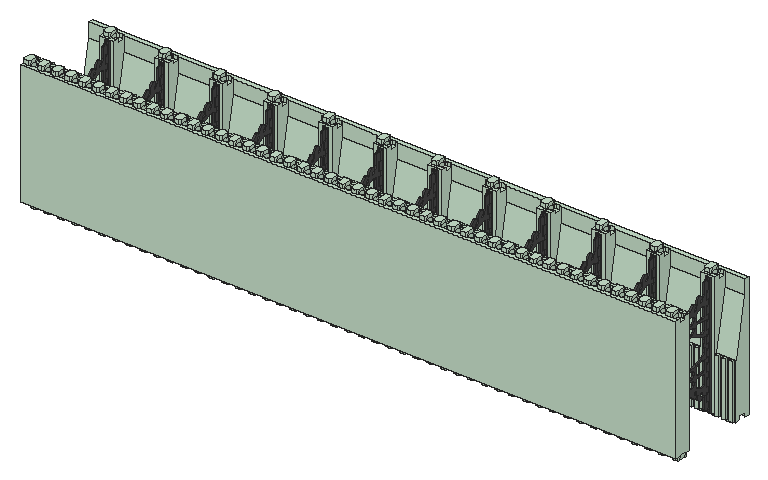
Revit family (continued)
Forms (in)
  Extrusion 172, solid, material "NUDURA Expanded Polystyrene Foam Insulation"
    sketch origin (0, 0, 0) x (1, 0, 0) y (0, 1, 0)
      loop
        line (6.28117, 3.25) -> (6.21883, 3) -> (6.78117, 3) -> (6.71883, 3.25) -> (6.28117, 3.25)
      loop
        line (7.28117, 3.25) -> (7.21883, 3) -> (7.78117, 3) -> (7.71883, 3.25) -> (7.28117, 3.25)
      loop
        line (8.28117, 3.25) -> (8.21883, 3) -> (8.78117, 3) -> (8.71883, 3.25) -> (8.28117, 3.25)
      loop
        line (9.28117, 3.25) -> (9.21883, 3) -> (9.78117, 3) -> (9.71883, 3.25) -> (9.28117, 3.25)
      loop
        line (10.28117, 3.25) -> (10.21883, 3) -> (10.78117, 3) -> (10.71883, 3.25) -> (10.28117, 3.25)
      loop
        line (13.28117, 3.25) -> (13.21883, 3) -> (13.78117, 3) -> (13.71883, 3.25) -> (13.28117, 3.25)
      loop
        line (14.28117, 3.25) -> (14.21883, 3) -> (14.78117, 3) -> (14.71883, 3.25) -> (14.28117, 3.25)
      loop
        line (15.28117, 3.25) -> (15.21883, 3) -> (15.78117, 3) -> (15.71883, 3.25) -> (15.28117, 3.25)
      loop
        line (16.28117, 3.25) -> (16.21883, 3) -> (16.78117, 3) -> (16.71883, 3.25) -> (16.28117, 3.25)
      loop
        line (17.28117, 3.25) -> (17.21883, 3) -> (17.78117, 3) -> (17.71883, 3.25) -> (17.28117, 3.25)
      loop
        line (18.28117, 3.25) -> (18.21883, 3) -> (18.78117, 3) -> (18.71883, 3.25) -> (18.28117, 3.25)
      loop
        line (21.28117, 3.25) -> (21.21883, 3) -> (21.78117, 3) -> (21.71883, 3.25) -> (21.28117, 3.25)
      loop
        line (22.28117, 3.25) -> (22.21883, 3) -> (22.78117, 3) -> (22.71883, 3.25) -> (22.28117, 3.25)
      loop
        line (23.28117, 3.25) -> (23.21883, 3) -> (23.78117, 3) -> (23.71883, 3.25) -> (23.28117, 3.25)
      loop
        line (24.28117, 3.25) -> (24.21883, 3) -> (24.78117, 3) -> (24.71883, 3.25) -> (24.28117, 3.25)
      loop
        line (25.28117, 3.25) -> (25.21883, 3) -> (25.78117, 3) -> (25.71883, 3.25) -> (25.28117, 3.25)
      loop
        line (26.28117, 3.25) -> (26.21883, 3) -> (26.78117, 3) -> (26.71883, 3.25) -> (26.28117, 3.25)
      loop
        line (29.28117, 3.25) -> (29.21883, 3) -> (29.78117, 3) -> (29.71883, 3.25) -> (29.28117, 3.25)
      loop
        line (30.28117, 3.25) -> (30.21883, 3) -> (30.78117, 3) -> (30.71883, 3.25) -> (30.28117, 3.25)
      loop
        line (31.28117, 3.25) -> (31.21883, 3) -> (31.78117, 3) -> (31.71883, 3.25) -> (31.28117, 3.25)
      loop
        line (32.28117, 3.25) -> (32.21883, 3) -> (32.78117, 3) -> (32.71883, 3.25) -> (32.28117, 3.25)
      loop
        line (33.28117, 3.25) -> (33.21883, 3) -> (33.78117, 3) -> (33.71883, 3.25) -> (33.28117, 3.25)
      loop
        line (34.28117, 3.25) -> (34.21883, 3) -> (34.78117, 3) -> (34.71883, 3.25) -> (34.28117, 3.25)
      loop
        line (37.28117, 3.25) -> (37.21883, 3) -> (37.78117, 3) -> (37.71883, 3.25) -> (37.28117, 3.25)
      loop
        line (38.28117, 3.25) -> (38.21883, 3) -> (38.78117, 3) -> (38.71883, 3.25) -> (38.28117, 3.25)
      loop
        line (39.28117, 3.25) -> (39.21883, 3) -> (39.78117, 3) -> (39.71883, 3.25) -> (39.28117, 3.25)
      loop
        line (40.28117, 3.25) -> (40.21883, 3) -> (40.78117, 3) -> (40.71883, 3.25) -> (40.28117, 3.25)
      loop
        line (41.28117, 3.25) -> (41.21883, 3) -> (41.78117, 3) -> (41.71883, 3.25) -> (41.28117, 3.25)
      loop
        line (42.28117, 3.25) -> (42.21883, 3) -> (42.78117, 3) -> (42.71883, 3.25) -> (42.28117, 3.25)
      loop
        line (45.28117, 3.25) -> (45.21883, 3) -> (45.78117, 3) -> (45.71883, 3.25) -> (45.28117, 3.25)
      loop
        line (46.28117, 3.25) -> (46.21883, 3) -> (46.78117, 3) -> (46.71883, 3.25) -> (46.28117, 3.25)
      loop
        line (47.28117, 3.25) -> (47.21883, 3) -> (47.78117, 3) -> (47.71883, 3.25) -> (47.28117, 3.25)
      loop
        line (48.28117, 3.25) -> (48.21883, 3) -> (48.78117, 3) -> (48.71883, 3.25) -> (48.28117, 3.25)
      loop
        line (49.28117, 3.25) -> (49.21883, 3) -> (49.78117, 3) -> (49.71883, 3.25) -> (49.28117, 3.25)
      loop
        line (50.28117, 3.25) -> (50.21883, 3) -> (50.78117, 3) -> (50.71883, 3.25) -> (50.28117, 3.25)
      loop
        line (53.28117, 3.25) -> (53.21883, 3) -> (53.78117, 3) -> (53.71883, 3.25) -> (53.28117, 3.25)
      loop
        line (54.28117, 3.25) -> (54.21883, 3) -> (54.78117, 3) -> (54.71883, 3.25) -> (54.28117, 3.25)
      loop
        line (55.28117, 3.25) -> (55.21883, 3) -> (55.78117, 3) -> (55.71883, 3.25) -> (55.28117, 3.25)
      loop
        line (56.28117, 3.25) -> (56.21883, 3) -> (56.78117, 3) -> (56.71883, 3.25) -> (56.28117, 3.25)
      loop
        line (57.28117, 3.25) -> (57.21883, 3) -> (57.78117, 3) -> (57.71883, 3.25) -> (57.28117, 3.25)
      loop
        line (58.28117, 3.25) -> (58.21883, 3) -> (58.78117, 3) -> (58.71883, 3.25) -> (58.28117, 3.25)
      loop
        line (61.28117, 3.25) -> (61.21883, 3) -> (61.78117, 3) -> (61.71883, 3.25) -> (61.28117, 3.25)
      loop
        line (62.28117, 3.25) -> (62.21883, 3) -> (62.78117, 3) -> (62.71883, 3.25) -> (62.28117, 3.25)
      loop
        line (63.28117, 3.25) -> (63.21883, 3) -> (63.78117, 3) -> (63.71883, 3.25) -> (63.28117, 3.25)
      loop
        line (64.28117, 3.25) -> (64.21883, 3) -> (64.78117, 3) -> (64.71883, 3.25) -> (64.28117, 3.25)
      loop
        line (65.28117, 3.25) -> (65.21883, 3) -> (65.78117, 3) -> (65.71883, 3.25) -> (65.28117, 3.25)
      loop
        line (66.28117, 3.25) -> (66.21883, 3) -> (66.78117, 3) -> (66.71883, 3.25) -> (66.28117, 3.25)
      loop
        line (69.28117, 3.25) -> (69.21883, 3) -> (69.78117, 3) -> (69.71883, 3.25) -> (69.28117, 3.25)
      loop
        line (70.28117, 3.25) -> (70.21883, 3) -> (70.78117, 3) -> (70.71883, 3.25) -> (70.28117, 3.25)
      loop
        line (71.28117, 3.25) -> (71.21883, 3) -> (71.78117, 3) -> (71.71883, 3.25) -> (71.28117, 3.25)
      loop
        line (72.28117, 3.25) -> (72.21883, 3) -> (72.78117, 3) -> (72.71883, 3.25) -> (72.28117, 3.25)
      loop
        line (73.28117, 3.25) -> (73.21883, 3) -> (73.78117, 3) -> (73.71883, 3.25) -> (73.28117, 3.25)
      loop
        line (74.28117, 3.25) -> (74.21883, 3) -> (74.78117, 3) -> (74.71883, 3.25) -> (74.28117, 3.25)
      loop
        line (77.28117, 3.25) -> (77.21883, 3) -> (77.78117, 3) -> (77.71883, 3.25) -> (77.28117, 3.25)
      loop
        line (78.28117, 3.25) -> (78.21883, 3) -> (78.78117, 3) -> (78.71883, 3.25) -> (78.28117, 3.25)
      loop
        line (79.28117, 3.25) -> (79.21883, 3) -> (79.78117, 3) -> (79.71883, 3.25) -> (79.28117, 3.25)
      loop
        line (80.28117, 3.25) -> (80.21883, 3) -> (80.78117, 3) -> (80.71883, 3.25) -> (80.28117, 3.25)
      loop
        line (81.28117, 3.25) -> (81.21883, 3) -> (81.78117, 3) -> (81.71883, 3.25) -> (81.28117, 3.25)
      loop
        line (82.28117, 3.25) -> (82.21883, 3) -> (82.78117, 3) -> (82.71883, 3.25) -> (82.28117, 3.25)
      loop
        line (85.28117, 3.25) -> (85.21883, 3) -> (85.78117, 3) -> (85.71883, 3.25) -> (85.28117, 3.25)
      loop
        line (86.28117, 3.25) -> (86.21883, 3) -> (86.78117, 3) -> (86.71883, 3.25) -> (86.28117, 3.25)
      loop
        line (87.28117, 3.25) -> (87.21883, 3) -> (87.78117, 3) -> (87.71883, 3.25) -> (87.28117, 3.25)
      loop
        line (88.28117, 3.25) -> (88.21883, 3) -> (88.78117, 3) -> (88.71883, 3.25) -> (88.28117, 3.25)
      loop
        line (89.28117, 3.25) -> (89.21883, 3) -> (89.78117, 3) -> (89.71883, 3.25) -> (89.28117, 3.25)
      loop
        line (90.28117, 3.25) -> (90.21883, 3) -> (90.78117, 3) -> (90.71883, 3.25) -> (90.28117, 3.25)
      loop
        line (93.28117, 3.25) -> (93.21883, 3) -> (93.78117, 3) -> (93.71883, 3.25) -> (93.28117, 3.25)
      loop
        line (94.28117, 3.25) -> (94.21883, 3) -> (94.78117, 3) -> (94.71883, 3.25) -> (94.28117, 3.25)
      loop
        line (95.28117, 3.25) -> (95.21883, 3) -> (95.78117, 3) -> (95.71883, 3.25) -> (95.28117, 3.25)
    from 0 to 8
Cuts and joins
  Extrusion 2, Extrusion 3, Extrusion 4, Extrusion 5, Extrusion 6, Extrusion 7, Extrusion 8, Extrusion 9, Extrusion 10, Extrusion 11, Extrusion 12, Extrusion 13, Extrusion 14, Extrusion 15, Extrusion 16, Extrusion 17, Extrusion 18, Extrusion 19, Extrusion 20, Extrusion 21, Extrusion 22, Extrusion 23, Extrusion 24, Extrusion 25, Extrusion 26, Extrusion 27, Extrusion 28, Extrusion 29, Extrusion 30, Extrusion 31, Extrusion 32, Extrusion 33, Extrusion 34, Extrusion 35, Extrusion 36, Extrusion 37, Extrusion 38, Extrusion 39, Extrusion 40, Extrusion 41, Extrusion 42, Extrusion 43, Extrusion 44, Extrusion 45, Extrusion 46, Extrusion 47, Extrusion 48, Extrusion 49, Extrusion 50, Extrusion 51, Extrusion 52, Extrusion 53, Extrusion 54, Extrusion 55, Extrusion 56, Extrusion 57, Extrusion 58, Extrusion 59, Extrusion 60, Extrusion 61, Extrusion 62, Extrusion 63, Extrusion 64, Extrusion 65, Extrusion 66, Extrusion 67, Extrusion 68, Extrusion 69, Extrusion 70, Extrusion 71, Extrusion 72, Extrusion 73, Extrusion 74, Extrusion 75, Extrusion 76, Extrusion 77, Extrusion 78, Extrusion 79, Extrusion 80, Extrusion 81, Extrusion 82, Extrusion 83, Extrusion 84, Extrusion 85, Extrusion 86, Extrusion 87, Extrusion 88, Extrusion 89, Extrusion 90, Extrusion 91, Extrusion 92, Extrusion 93, Extrusion 94, Extrusion 95, Extrusion 96, Extrusion 97, Extrusion 98, Extrusion 99, Extrusion 100, Extrusion 101, Extrusion 102, Extrusion 103, Extrusion 104, Extrusion 105, Extrusion 106, Extrusion 107, Extrusion 108, Extrusion 109, Extrusion 110, Extrusion 111, Extrusion 112, Extrusion 113, Extrusion 114, Extrusion 115, Extrusion 116, Extrusion 117, Extrusion 118, Extrusion 119, Extrusion 120, Extrusion 121, Extrusion 122, Extrusion 123, Extrusion 124, Extrusion 125, Extrusion 126, Extrusion 127, Extrusion 128, Extrusion 129, Extrusion 130, Extrusion 131, Extrusion 132, Extrusion 133, Extrusion 134, Extrusion 135, Extrusion 136, Extrusion 137, Extrusion 138, Extrusion 139, Extrusion 140, Extrusion 141, Extrusion 142, Extrusion 143, Extrusion 144, Extrusion 145, Extrusion 146, Extrusion 147, Extrusion 148, Extrusion 149, Extrusion 150, Extrusion 151, Extrusion 152, Extrusion 153, Extrusion 154, Extrusion 155, Extrusion 156, Extrusion 157 cuts Extrusion 1
  Extrusion 50, Extrusion 51, Extrusion 52, Extrusion 53, Extrusion 54, Extrusion 55, Extrusion 56, Extrusion 57, Extrusion 58, Extrusion 59, Extrusion 60, Extrusion 61, Extrusion 110, Extrusion 111, Extrusion 112, Extrusion 113, Extrusion 114, Extrusion 115, Extrusion 116, Extrusion 117, Extrusion 118, Extrusion 119, Extrusion 120, Extrusion 121, Extrusion 122, Extrusion 123, Extrusion 124, Extrusion 125, Extrusion 126, Extrusion 127, Extrusion 128, Extrusion 129, Extrusion 130, Extrusion 131, Extrusion 132, Extrusion 133, Extrusion 134, Extrusion 135, Extrusion 136, Extrusion 137, Extrusion 138, Extrusion 139, Extrusion 140, Extrusion 141, Extrusion 142, Extrusion 143, Extrusion 144, Extrusion 145, Extrusion 146, Extrusion 147, Extrusion 148, Extrusion 149, Extrusion 150, Extrusion 151, Extrusion 152, Extrusion 153, Extrusion 154, Extrusion 155, Extrusion 156, Extrusion 157 cuts Extrusion 158
  Extrusion 61 cuts Extrusion 159
  Extrusion 60 cuts Extrusion 160
  Extrusion 59 cuts Extrusion 161
  Extrusion 58 cuts Extrusion 162
  Extrusion 57 cuts Extrusion 163
  Extrusion 56 cuts Extrusion 164
  Extrusion 55 cuts Extrusion 165
  Extrusion 54 cuts Extrusion 166
  Extrusion 53 cuts Extrusion 167
  Extrusion 53 cuts Extrusion 168
  Extrusion 52 cuts Extrusion 169
  Extrusion 51 cuts Extrusion 170
  Extrusion 50 cuts Extrusion 171
  joined: Extrusion 158, Extrusion 159, Extrusion 160, Extrusion 161, Extrusion 162, Extrusion 163, Extrusion 164, Extrusion 165, Extrusion 166, Extrusion 167, Extrusion 168, Extrusion 169, Extrusion 170, Extrusion 171, Extrusion 172
Lines and regions (in)
  model lines
    curve 1: line (8, -7.625, 18) -> (8, -7.625, 0)
    curve 2: line (88, 5.625, 18) -> (88, 5.625, 0)
    curve 3: line (64, 5.625, 18) -> (64, 5.625, 0)
    curve 4: line (40, 5.625, 18) -> (40, 5.625, 0)
    curve 5: line (16, 5.625, 18) -> (16, 5.625, 0)
Dimensions and locks (in)
  locked: plane 3 "Center (Left/Right)" to plane 4 at 96
  plane 6 to plane 5 = 0' - 8"
  locked: plane 5 to plane 7 at 2.625
  locked: plane 8 to plane 6 at 2.625
  locked: plane 9 to level at 18
  locked: plane 4 to plane 3 "Center (Left/Right)" at 96
  locked: plane 9 to plane 10 at 0.5
  locked: plane 11 to level at 0.5
  aligned and locked: plane 9 to Extrusion 1
  aligned and locked: Extrusion 1 to plane 3 "Center (Left/Right)"
  aligned and locked: plane 4 to Extrusion 1
  aligned and locked: level to Extrusion 1
  aligned and locked: nested 1 to plane 8
  aligned and locked: nested 124 to cut or joined group 1 (Extrusion 1, Extrusion 2, Extrusion 3, Extrusion 4, Extrusion 5, Extrusion 6, Extrusion 7, Extrusion 8, Extrusion 9, Extrusion 10, Extrusion 11, Extrusion 12, Extrusion 13, Extrusion 14, Extrusion 15, Extrusion 16, Extrusion 17, Extrusion 18, Extrusion 19, Extrusion 20, Extrusion 21, Extrusion 22, Extrusion 23, Extrusion 24, Extrusion 25, Extrusion 26, Extrusion 27, Extrusion 28, Extrusion 29, Extrusion 30, Extrusion 31, Extrusion 32, Extrusion 33, Extrusion 34, Extrusion 35, Extrusion 36, Extrusion 37, Extrusion 38, Extrusion 39, Extrusion 40, Extrusion 41, Extrusion 42, Extrusion 43, Extrusion 44, Extrusion 45, Extrusion 46, Extrusion 47, Extrusion 48, Extrusion 49, Extrusion 50, Extrusion 51, Extrusion 52, Extrusion 53, Extrusion 54, Extrusion 55, Extrusion 56, Extrusion 57, Extrusion 58, Extrusion 59, Extrusion 60, Extrusion 61, Extrusion 62, Extrusion 63, Extrusion 64, Extrusion 65, Extrusion 66, Extrusion 67, Extrusion 68, Extrusion 69, Extrusion 70, Extrusion 71, Extrusion 72, Extrusion 73, Extrusion 74, Extrusion 75, Extrusion 76, Extrusion 77, Extrusion 78, Extrusion 79, Extrusion 80, Extrusion 81, Extrusion 82, Extrusion 83, Extrusion 84, Extrusion 85, Extrusion 86, Extrusion 87, Extrusion 88, Extrusion 89, Extrusion 90, Extrusion 91, Extrusion 92, Extrusion 93, Extrusion 94, Extrusion 95, Extrusion 96, Extrusion 97, Extrusion 98, Extrusion 99, Extrusion 100, Extrusion 101, Extrusion 102, Extrusion 103, Extrusion 104, Extrusion 105, Extrusion 106, Extrusion 107, Extrusion 108, Extrusion 109, Extrusion 110, Extrusion 111, Extrusion 112, Extrusion 113, Extrusion 114, Extrusion 115, Extrusion 116, Extrusion 117, Extrusion 118, Extrusion 119, Extrusion 120, Extrusion 121, Extrusion 122, Extrusion 123, Extrusion 124, Extrusion 125, Extrusion 126, Extrusion 127, Extrusion 128, Extrusion 129, Extrusion 130, Extrusion 131, Extrusion 132, Extrusion 133, Extrusion 134, Extrusion 135, Extrusion 136, Extrusion 137, Extrusion 138, Extrusion 139, Extrusion 140, Extrusion 141, Extrusion 142, Extrusion 143, Extrusion 144, Extrusion 145, Extrusion 146, Extrusion 147, Extrusion 148, Extrusion 149, Extrusion 150, Extrusion 151, Extrusion 152, Extrusion 153, Extrusion 154, Extrusion 155, Extrusion 156, Extrusion 157)
  aligned and locked: nested 173 to cut or joined group 1
  aligned and locked: cut or joined group 1 to nested 174
  aligned and locked: cut or joined group 1 to nested 175
  aligned and locked: cut or joined group 1 to nested 176
Nested families (in)
  nested 1: "NUDURA Diamond Pattern" at (0, -2, 0), type "NUDURA Diamond Pattern"
  nested 2: "NUDURA Diamond Pattern" at (16, -2, 0), type "NUDURA Diamond Pattern"
  nested 3: "NUDURA Diamond Pattern" at (24, -2, 0), type "NUDURA Diamond Pattern"
  nested 4: "NUDURA Diamond Pattern" at (40, -2, 0), type "NUDURA Diamond Pattern"
  nested 5: "NUDURA Diamond Pattern" at (48, -2, 0), type "NUDURA Diamond Pattern"
  nested 6: "NUDURA Diamond Pattern" at (64, -2, 0), type "NUDURA Diamond Pattern"
  nested 7: "NUDURA Diamond Pattern" at (72, -2, 0), type "NUDURA Diamond Pattern"
  nested 8: "NUDURA Diamond Pattern" at (88, -2, 0), type "NUDURA Diamond Pattern"
  nested 9: "NUDURA Diamond Pattern" at (0, 0, 0), type "NUDURA Diamond Pattern"
  nested 10: "NUDURA Diamond Pattern" at (16, 0, 0), type "NUDURA Diamond Pattern"
  nested 11: "NUDURA Diamond Pattern" at (24, 0, 0), type "NUDURA Diamond Pattern"
  nested 12: "NUDURA Diamond Pattern" at (40, 0, 0), type "NUDURA Diamond Pattern"
  nested 13: "NUDURA Diamond Pattern" at (48, 0, 0), type "NUDURA Diamond Pattern"
  nested 14: "NUDURA Diamond Pattern" at (64, 0, 0), type "NUDURA Diamond Pattern"
  nested 15: "NUDURA Diamond Pattern" at (72, 0, 0), type "NUDURA Diamond Pattern"
  nested 16: "NUDURA Diamond Pattern" at (88, 0, 0), type "NUDURA Diamond Pattern"
  nested 17: "Interlock Tooth" at (0, -2, 0), type "Interlock Tooth"
  nested 18: "Interlock Tooth" at (2, -2, 0), type "Interlock Tooth"
  nested 19: "Interlock Tooth" at (4, -2, 0), type "Interlock Tooth"
  nested 20: "Interlock Tooth" at (6, -2, 0), type "Interlock Tooth"
  nested 21: "Interlock Tooth" at (8, -2, 0), type "Interlock Tooth"
  nested 22: "Interlock Tooth" at (10, -2, 0), type "Interlock Tooth"
  nested 23: "Interlock Tooth" at (12, -2, 0), type "Interlock Tooth"
  nested 24: "Interlock Tooth" at (14, -2, 0), type "Interlock Tooth"
  nested 25: "Interlock Tooth" at (16, -2, 0), type "Interlock Tooth"
  nested 26: "Interlock Tooth" at (18, -2, 0), type "Interlock Tooth"
  nested 27: "Interlock Tooth" at (20, -2, 0), type "Interlock Tooth"
  nested 28: "Interlock Tooth" at (22, -2, 0), type "Interlock Tooth"
  nested 29: "Interlock Tooth" at (24, -2, 0), type "Interlock Tooth"
  nested 30: "Interlock Tooth" at (26, -2, 0), type "Interlock Tooth"
  nested 31: "Interlock Tooth" at (28, -2, 0), type "Interlock Tooth"
  nested 32: "Interlock Tooth" at (30, -2, 0), type "Interlock Tooth"
  nested 33: "Interlock Tooth" at (32, -2, 0), type "Interlock Tooth"
  nested 34: "Interlock Tooth" at (34, -2, 0), type "Interlock Tooth"
  nested 35: "Interlock Tooth" at (36, -2, 0), type "Interlock Tooth"
  nested 36: "Interlock Tooth" at (38, -2, 0), type "Interlock Tooth"
  nested 37: "Interlock Tooth" at (40, -2, 0), type "Interlock Tooth"
  nested 38: "Interlock Tooth" at (42, -2, 0), type "Interlock Tooth"
  nested 39: "Interlock Tooth" at (44, -2, 0), type "Interlock Tooth"
  nested 40: "Interlock Tooth" at (46, -2, 0), type "Interlock Tooth"
  nested 41: "Interlock Tooth" at (48, -2, 0), type "Interlock Tooth"
  nested 42: "Interlock Tooth" at (50, -2, 0), type "Interlock Tooth"
  nested 43: "Interlock Tooth" at (52, -2, 0), type "Interlock Tooth"
  nested 44: "Interlock Tooth" at (54, -2, 0), type "Interlock Tooth"
  nested 45: "Interlock Tooth" at (56, -2, 0), type "Interlock Tooth"
  nested 46: "Interlock Tooth" at (58, -2, 0), type "Interlock Tooth"
  nested 47: "Interlock Tooth" at (60, -2, 0), type "Interlock Tooth"
  nested 48: "Interlock Tooth" at (62, -2, 0), type "Interlock Tooth"
  nested 49: "Interlock Tooth" at (64, -2, 0), type "Interlock Tooth"
  nested 50: "Interlock Tooth" at (66, -2, 0), type "Interlock Tooth"
  nested 51: "Interlock Tooth" at (68, -2, 0), type "Interlock Tooth"
  nested 52: "Interlock Tooth" at (70, -2, 0), type "Interlock Tooth"
  nested 53: "Interlock Tooth" at (72, -2, 0), type "Interlock Tooth"
  nested 54: "Interlock Tooth" at (74, -2, 0), type "Interlock Tooth"
  nested 55: "Interlock Tooth" at (76, -2, 0), type "Interlock Tooth"
  nested 56: "Interlock Tooth" at (78, -2, 0), type "Interlock Tooth"
  nested 57: "Interlock Tooth" at (80, -2, 0), type "Interlock Tooth"
  nested 58: "Interlock Tooth" at (82, -2, 0), type "Interlock Tooth"
  nested 59: "Interlock Tooth" at (84, -2, 0), type "Interlock Tooth"
  nested 60: "Interlock Tooth" at (86, -2, 0), type "Interlock Tooth"
  nested 61: "Interlock Tooth" at (88, -2, 0), type "Interlock Tooth"
  nested 62: "Interlock Tooth" at (90, -2, 0), type "Interlock Tooth"
  nested 63: "Interlock Tooth" at (92, -2, 0), type "Interlock Tooth"
  nested 64: "Interlock Tooth" at (94, -2, 0), type "Interlock Tooth"
  nested 65: "Interlock Tooth" at (3, 8.875, 0), type "Interlock Tooth"
  nested 66: "Interlock Tooth" at (11, 8.875, 0), type "Interlock Tooth"
  nested 67: "Interlock Tooth" at (19, 8.875, 0), type "Interlock Tooth"
  nested 68: "Interlock Tooth" at (27, 8.875, 0), type "Interlock Tooth"
  nested 69: "Interlock Tooth" at (35, 8.875, 0), type "Interlock Tooth"
  nested 70: "Interlock Tooth" at (43, 8.875, 0), type "Interlock Tooth"
  nested 71: "Interlock Tooth" at (51, 8.875, 0), type "Interlock Tooth"
  nested 72: "Interlock Tooth" at (59, 8.875, 0), type "Interlock Tooth"
  nested 73: "Interlock Tooth" at (67, 8.875, 0), type "Interlock Tooth"
  nested 74: "Interlock Tooth" at (75, 8.875, 0), type "Interlock Tooth"
  nested 75: "Interlock Tooth" at (83, 8.875, 0), type "Interlock Tooth"
  nested 76: "Interlock Tooth" at (91, 8.875, 0), type "Interlock Tooth"
  nested 77: "Interlock Tooth" at (1, -10.875, -18.5), type "Interlock Tooth"
  nested 78: "Interlock Tooth" at (3, -10.875, -18.5), type "Interlock Tooth"
  nested 79: "Interlock Tooth" at (5, -10.875, -18.5), type "Interlock Tooth"
  nested 80: "Interlock Tooth" at (7, -10.875, -18.5), type "Interlock Tooth"
  nested 81: "Interlock Tooth" at (9, -10.875, -18.5), type "Interlock Tooth"
  nested 82: "Interlock Tooth" at (11, -10.875, -18.5), type "Interlock Tooth"
  nested 83: "Interlock Tooth" at (13, -10.875, -18.5), type "Interlock Tooth"
  nested 84: "Interlock Tooth" at (15, -10.875, -18.5), type "Interlock Tooth"
  nested 85: "Interlock Tooth" at (17, -10.875, -18.5), type "Interlock Tooth"
  nested 86: "Interlock Tooth" at (19, -10.875, -18.5), type "Interlock Tooth"
  nested 87: "Interlock Tooth" at (21, -10.875, -18.5), type "Interlock Tooth"
  nested 88: "Interlock Tooth" at (23, -10.875, -18.5), type "Interlock Tooth"
  nested 89: "Interlock Tooth" at (25, -10.875, -18.5), type "Interlock Tooth"
  nested 90: "Interlock Tooth" at (27, -10.875, -18.5), type "Interlock Tooth"
  nested 91: "Interlock Tooth" at (29, -10.875, -18.5), type "Interlock Tooth"
  nested 92: "Interlock Tooth" at (31, -10.875, -18.5), type "Interlock Tooth"
  nested 93: "Interlock Tooth" at (33, -10.875, -18.5), type "Interlock Tooth"
  nested 94: "Interlock Tooth" at (35, -10.875, -18.5), type "Interlock Tooth"
  nested 95: "Interlock Tooth" at (37, -10.875, -18.5), type "Interlock Tooth"
  nested 96: "Interlock Tooth" at (39, -10.875, -18.5), type "Interlock Tooth"
  nested 97: "Interlock Tooth" at (41, -10.875, -18.5), type "Interlock Tooth"
  nested 98: "Interlock Tooth" at (43, -10.875, -18.5), type "Interlock Tooth"
  nested 99: "Interlock Tooth" at (45, -10.875, -18.5), type "Interlock Tooth"
  nested 100: "Interlock Tooth" at (47, -10.875, -18.5), type "Interlock Tooth"
  nested 101: "Interlock Tooth" at (49, -10.875, -18.5), type "Interlock Tooth"
  nested 102: "Interlock Tooth" at (51, -10.875, -18.5), type "Interlock Tooth"
  nested 103: "Interlock Tooth" at (53, -10.875, -18.5), type "Interlock Tooth"
  nested 104: "Interlock Tooth" at (55, -10.875, -18.5), type "Interlock Tooth"
  nested 105: "Interlock Tooth" at (57, -10.875, -18.5), type "Interlock Tooth"
  nested 106: "Interlock Tooth" at (59, -10.875, -18.5), type "Interlock Tooth"
  nested 107: "Interlock Tooth" at (61, -10.875, -18.5), type "Interlock Tooth"
  nested 108: "Interlock Tooth" at (63, -10.875, -18.5), type "Interlock Tooth"
  nested 109: "Interlock Tooth" at (65, -10.875, -18.5), type "Interlock Tooth"
  nested 110: "Interlock Tooth" at (67, -10.875, -18.5), type "Interlock Tooth"
  nested 111: "Interlock Tooth" at (69, -10.875, -18.5), type "Interlock Tooth"
  nested 112: "Interlock Tooth" at (71, -10.875, -18.5), type "Interlock Tooth"
  nested 113: "Interlock Tooth" at (73, -10.875, -18.5), type "Interlock Tooth"
  nested 114: "Interlock Tooth" at (75, -10.875, -18.5), type "Interlock Tooth"
  nested 115: "Interlock Tooth" at (77, -10.875, -18.5), type "Interlock Tooth"
  nested 116: "Interlock Tooth" at (79, -10.875, -18.5), type "Interlock Tooth"
  nested 117: "Interlock Tooth" at (81, -10.875, -18.5), type "Interlock Tooth"
  nested 118: "Interlock Tooth" at (83, -10.875, -18.5), type "Interlock Tooth"
  nested 119: "Interlock Tooth" at (85, -10.875, -18.5), type "Interlock Tooth"
  nested 120: "Interlock Tooth" at (87, -10.875, -18.5), type "Interlock Tooth"
  nested 121: "Interlock Tooth" at (89, -10.875, -18.5), type "Interlock Tooth"
  nested 122: "Interlock Tooth" at (91, -10.875, -18.5), type "Interlock Tooth"
  nested 123: "Interlock Tooth" at (93, -10.875, -18.5), type "Interlock Tooth"
  nested 124: "Interlock Tooth" at (95, -10.875, -18.5), type "Interlock Tooth"
  nested 125: "Interlock Tooth" at (0, 0, -18.5), type "Interlock Tooth"
  nested 126: "Interlock Tooth" at (2, 0, -18.5), type "Interlock Tooth"
  nested 127: "Interlock Tooth" at (4, 0, -18.5), type "Interlock Tooth"
  nested 128: "Interlock Tooth" at (6, 0, -18.5), type "Interlock Tooth"
  nested 129: "Interlock Tooth" at (8, 0, -18.5), type "Interlock Tooth"
  nested 130: "Interlock Tooth" at (10, 0, -18.5), type "Interlock Tooth"
  nested 131: "Interlock Tooth" at (12, 0, -18.5), type "Interlock Tooth"
  nested 132: "Interlock Tooth" at (14, 0, -18.5), type "Interlock Tooth"
  nested 133: "Interlock Tooth" at (16, 0, -18.5), type "Interlock Tooth"
  nested 134: "Interlock Tooth" at (18, 0, -18.5), type "Interlock Tooth"
  nested 135: "Interlock Tooth" at (20, 0, -18.5), type "Interlock Tooth"
  nested 136: "Interlock Tooth" at (22, 0, -18.5), type "Interlock Tooth"
  nested 137: "Interlock Tooth" at (24, 0, -18.5), type "Interlock Tooth"
  nested 138: "Interlock Tooth" at (26, 0, -18.5), type "Interlock Tooth"
  nested 139: "Interlock Tooth" at (28, 0, -18.5), type "Interlock Tooth"
  nested 140: "Interlock Tooth" at (30, 0, -18.5), type "Interlock Tooth"
  nested 141: "Interlock Tooth" at (32, 0, -18.5), type "Interlock Tooth"
  nested 142: "Interlock Tooth" at (34, 0, -18.5), type "Interlock Tooth"
  nested 143: "Interlock Tooth" at (36, 0, -18.5), type "Interlock Tooth"
  nested 144: "Interlock Tooth" at (38, 0, -18.5), type "Interlock Tooth"
  nested 145: "Interlock Tooth" at (40, 0, -18.5), type "Interlock Tooth"
  nested 146: "Interlock Tooth" at (42, 0, -18.5), type "Interlock Tooth"
  nested 147: "Interlock Tooth" at (44, 0, -18.5), type "Interlock Tooth"
  nested 148: "Interlock Tooth" at (46, 0, -18.5), type "Interlock Tooth"
  nested 149: "Interlock Tooth" at (48, 0, -18.5), type "Interlock Tooth"
  nested 150: "Interlock Tooth" at (50, 0, -18.5), type "Interlock Tooth"
  nested 151: "Interlock Tooth" at (52, 0, -18.5), type "Interlock Tooth"
  nested 152: "Interlock Tooth" at (54, 0, -18.5), type "Interlock Tooth"
  nested 153: "Interlock Tooth" at (56, 0, -18.5), type "Interlock Tooth"
  nested 154: "Interlock Tooth" at (58, 0, -18.5), type "Interlock Tooth"
  nested 155: "Interlock Tooth" at (60, 0, -18.5), type "Interlock Tooth"
  nested 156: "Interlock Tooth" at (62, 0, -18.5), type "Interlock Tooth"
  nested 157: "Interlock Tooth" at (64, 0, -18.5), type "Interlock Tooth"
  nested 158: "Interlock Tooth" at (66, 0, -18.5), type "Interlock Tooth"
  nested 159: "Interlock Tooth" at (68, 0, -18.5), type "Interlock Tooth"
  nested 160: "Interlock Tooth" at (70, 0, -18.5), type "Interlock Tooth"
  nested 161: "Interlock Tooth" at (72, 0, -18.5), type "Interlock Tooth"
  nested 162: "Interlock Tooth" at (74, 0, -18.5), type "Interlock Tooth"
  nested 163: "Interlock Tooth" at (76, 0, -18.5), type "Interlock Tooth"
  nested 164: "Interlock Tooth" at (78, 0, -18.5), type "Interlock Tooth"
  nested 165: "Interlock Tooth" at (80, 0, -18.5), type "Interlock Tooth"
  nested 166: "Interlock Tooth" at (82, 0, -18.5), type "Interlock Tooth"
  nested 167: "Interlock Tooth" at (84, 0, -18.5), type "Interlock Tooth"
  nested 168: "Interlock Tooth" at (86, 0, -18.5), type "Interlock Tooth"
  nested 169: "Interlock Tooth" at (88, 0, -18.5), type "Interlock Tooth"
  nested 170: "Interlock Tooth" at (90, 0, -18.5), type "Interlock Tooth"
  nested 171: "Interlock Tooth" at (92, 0, -18.5), type "Interlock Tooth"
  nested 172: "Interlock Tooth" at (94, 0, -18.5), type "Interlock Tooth"
  nested 173: "NUDURA Logo Diamond" at (0, -7.625, 0), type "NUDURA Logo Diamond"
  nested 174: "NUDURA Logo Diamond" at (24, -7.625, 0), type "NUDURA Logo Diamond"
  nested 175: "NUDURA Logo Diamond" at (48, -7.625, 0), type "NUDURA Logo Diamond"
  nested 176: "NUDURA Logo Diamond" at (72, -7.625, 0), type "NUDURA Logo Diamond"
  nested 177: "NUDURA Logo Diamond" at (95.99744, 5.625, 0) x (-1, 0, 0) z (0, 0, 1), type "NUDURA Logo Diamond"
  nested 178: "NUDURA Logo Diamond" at (71.99744, 5.625, 0) x (-1, 0, 0) z (0, 0, 1), type "NUDURA Logo Diamond"
  nested 179: "NUDURA Logo Diamond" at (47.99744, 5.625, 0) x (-1, 0, 0) z (0, 0, 1), type "NUDURA Logo Diamond"
  nested 180: "NUDURA Logo Diamond" at (23.99744, 5.625, 0) x (-1, 0, 0) z (0, 0, 1), type "NUDURA Logo Diamond"
  nested 181: "8-inch Insert Web" at (4, -1, 0), type "8-inch Insert Web"
  nested 182: "8-inch Insert Web" at (12, -1, 0), type "8-inch Insert Web"
  nested 183: "8-inch Insert Web" at (20, -1, 0), type "8-inch Insert Web"
  nested 184: "8-inch Insert Web" at (28, -1, 0), type "8-inch Insert Web"
  nested 185: "8-inch Insert Web" at (36, -1, 0), type "8-inch Insert Web"
  nested 186: "8-inch Insert Web" at (44, -1, 0), type "8-inch Insert Web"
  nested 187: "8-inch Insert Web" at (52, -1, 0), type "8-inch Insert Web"
  nested 188: "8-inch Insert Web" at (60, -1, 0), type "8-inch Insert Web"
  nested 189: "8-inch Insert Web" at (68, -1, 0), type "8-inch Insert Web"
  nested 190: "8-inch Insert Web" at (76, -1, 0), type "8-inch Insert Web"
  nested 191: "8-inch Insert Web" at (84, -1, 0), type "8-inch Insert Web"
  nested 192: "8-inch Insert Web" at (92, -1, 0), type "8-inch Insert Web"
Definition of nested family "Interlock Tooth"
  Reference planes (in)
    plane 1 "Center (Front/Back)": y = 0
    plane 2: z = 0
    plane 3 "Center (Left/Right)": x = 0
    plane 4: z = 18
    plane 5: z = 18.5
    plane 6: z = -0.5
  Forms (in)
    Extrusion 1, solid, material "NUDURA Expanded Polystyrene Foam Insulation"
      sketch origin (0, -8.875, 0) x (1, 0, 0) y (0, 1, 0)
        loop
          arc (0, 3.97692) -> (0.04785, 3.82983) -> (0.17308, 3.73905) r 0.25
          arc (0.17308, 3.73905) -> (0.5, 3.6875) -> (0.82692, 3.73905) r 1.0625
          arc (0.82692, 3.73905) -> (0.95215, 3.82983) -> (1, 3.97692) r 0.25
          line (1, 3.97692) -> (1, 4.89808)
          arc (1, 4.89808) -> (0.95215, 5.04517) -> (0.82692, 5.13595) r 0.25
          arc (0.82692, 5.13595) -> (0.5, 5.1875) -> (0.17308, 5.13595) r 1.0625
          arc (0.17308, 5.13595) -> (0.04785, 5.04517) -> (0, 4.89808) r 0.25
          line (0, 4.89808) -> (0, 3.97692)
      from 18 to 18.5
  Dimensions and locks (in)
    locked: plane 4 to level at 18
    locked: plane 4 to plane 5 at 0.5
    locked: plane 6 to level at 0.5
Definition of nested family "8-inch Insert Web"
  Reference planes (in)
    plane 1 "Center (Front/Back)": y = 0
    plane 2: z = 0
    plane 3 "Center (Left/Right)": x = 0
  Forms (in)
    Extrusion 1, solid, material "High Density Polystyrene"
      sketch origin (0, 0, 0) x (0, 1, 0) y (0, 0, 1)
        loop
          line (4.25, 0) -> (4.25, 17.74583)
          arc (4.25, 17.74583) -> (4.22112, 17.72608) -> (4.21, 17.69292) r 0.055
          line (4.21, 17.69292) -> (4.21, 0.05292)
          arc (4.21, 0.05292) -> (4.22112, 0.01975) -> (4.25, 0) r 0.055
        loop
          arc (-4.25, 0) -> (-4.22112, 0.01975) -> (-4.21, 0.05292) r 0.055
          line (-4.21, 0.05292) -> (-4.21, 17.69292)
          arc (-4.21, 17.69292) -> (-4.22112, 17.72608) -> (-4.25, 17.74583) r 0.055
          line (-4.25, 17.74583) -> (-4.25, 0)
      from 0.36328 to -0.36328
    Extrusion 2, solid, material "High Density Polystyrene"
      sketch origin (0, 0, 0) x (0, 1, 0) y (0, 0, 1)
        loop
          arc (4.18889, 17.40785) -> (4.20374, 17.40241) -> (4.21, 17.38789) r 0.02
          line (4.21, 17.38789) -> (4.21, 17.63668)
          arc (4.21, 17.63668) -> (4.20585, 17.62147) -> (4.19457, 17.61045) r 0.03
          line (4.19457, 17.61045) -> (4.12543, 17.57204)
          arc (4.12543, 17.57204) -> (4.11414, 17.56103) -> (4.11, 17.54582) r 0.03
          line (4.11, 17.54582) -> (4.11, 17.42461)
          arc (4.11, 17.42461) -> (4.11625, 17.41008) -> (4.13111, 17.40464) r 0.02
          line (4.13111, 17.40464) -> (4.18889, 17.40785)
        loop
          line (-4.12543, 17.57204) -> (-4.19457, 17.61045)
          arc (-4.19457, 17.61045) -> (-4.20585, 17.62147) -> (-4.21, 17.63668) r 0.03
          line (-4.21, 17.63668) -> (-4.21, 17.38789)
          arc (-4.21, 17.38789) -> (-4.20374, 17.40241) -> (-4.18889, 17.40785) r 0.02
          line (-4.18889, 17.40785) -> (-4.13111, 17.40464)
          arc (-4.13111, 17.40464) -> (-4.11625, 17.41008) -> (-4.11, 17.42461) r 0.02
          line (-4.11, 17.42461) -> (-4.11, 17.54582)
          arc (-4.11, 17.54582) -> (-4.11414, 17.56103) -> (-4.12543, 17.57204) r 0.03
        loop
          line (4.18889, 0.33798) -> (4.13111, 0.34119)
          arc (4.13111, 0.34119) -> (4.11625, 0.33575) -> (4.11, 0.32122) r 0.02
          line (4.11, 0.32122) -> (4.11, 0.20001)
          arc (4.11, 0.20001) -> (4.11414, 0.1848) -> (4.12543, 0.17379) r 0.03
          line (4.12543, 0.17379) -> (4.19457, 0.13538)
          arc (4.19457, 0.13538) -> (4.20585, 0.12437) -> (4.21, 0.10915) r 0.03
          line (4.21, 0.10915) -> (4.21, 0.35795)
          arc (4.21, 0.35795) -> (4.20374, 0.34342) -> (4.18889, 0.33798) r 0.02
        loop
          arc (-4.12543, 0.17379) -> (-4.11414, 0.1848) -> (-4.11, 0.20001) r 0.03
          line (-4.11, 0.20001) -> (-4.11, 0.32122)
          arc (-4.11, 0.32122) -> (-4.11625, 0.33575) -> (-4.13111, 0.34119) r 0.02
          line (-4.13111, 0.34119) -> (-4.18889, 0.33798)
          arc (-4.18889, 0.33798) -> (-4.20374, 0.34342) -> (-4.21, 0.35795) r 0.02
          line (-4.21, 0.35795) -> (-4.21, 0.10915)
          arc (-4.21, 0.10915) -> (-4.20585, 0.12437) -> (-4.19457, 0.13538) r 0.03
          line (-4.19457, 0.13538) -> (-4.12543, 0.17379)
        loop
          line (4, 17.20772) -> (3.925, 17.43772)
          arc (3.925, 17.43772) -> (3.875, 17.46772) -> (3.825, 17.43772) r 0.05667
          line (3.825, 17.43772) -> (3.77609, 17.28772) -> (3.64893, 17.28772)
          arc (3.64893, 17.28772) -> (3.61433, 17.27339) -> (3.6, 17.2388) r 0.04893
          line (3.6, 17.2388) -> (3.6, 17.20772) -> (3.5, 17.20772) -> (3.5, 15.75595)
          arc (3.5, 15.75595) -> (3.43087, 15.489) -> (3.24086, 15.28915) r 0.55
          arc (3.24086, 15.28915) -> (3.19232, 15.23289) -> (3.1843, 15.15901) r 0.125
          arc (3.1843, 15.15901) -> (2.73923, 14.83241) -> (2.77171, 15.3835) r 0.305
          arc (2.77171, 15.3835) -> (2.89426, 15.66948) -> (2.60829, 15.79202) r 0.22
          arc (2.60829, 15.79202) -> (2.25428, 15.49683) -> (2.14171, 15.04986) r 0.745
          arc (2.14171, 15.04986) -> (2.09808, 14.63491) -> (1.96932, 14.23805) r 2
          arc (1.96932, 14.23805) -> (1.47025, 14.23431) -> (1.63581, 14.70513) r 0.305
          arc (1.63581, 14.70513) -> (1.78874, 15.03658) -> (1.43743, 15.1357) r 0.24
          line (1.43743, 15.1357) -> (0.53033, 14.22861)
          arc (0.53033, 14.22861) -> (0, 14.00894) -> (-0.53033, 14.22861) r 0.75
          line (-0.53033, 14.22861) -> (-1.43743, 15.1357)
          arc (-1.43743, 15.1357) -> (-1.78874, 15.03658) -> (-1.63581, 14.70513) r 0.24
          arc (-1.63581, 14.70513) -> (-1.47025, 14.23431) -> (-1.96932, 14.23805) r 0.305
          arc (-1.96932, 14.23805) -> (-2.09808, 14.63491) -> (-2.14171, 15.04986) r 2
          arc (-2.14171, 15.04986) -> (-2.25428, 15.49683) -> (-2.60829, 15.79202) r 0.745
          arc (-2.60829, 15.79202) -> (-2.89426, 15.66948) -> (-2.77171, 15.3835) r 0.22
          arc (-2.77171, 15.3835) -> (-2.73923, 14.83241) -> (-3.1843, 15.15901) r 0.305
          arc (-3.1843, 15.15901) -> (-3.19232, 15.23289) -> (-3.24086, 15.28915) r 0.125
          arc (-3.24086, 15.28915) -> (-3.43087, 15.489) -> (-3.5, 15.75595) r 0.55
          line (-3.5, 15.75595) -> (-3.5, 17.20772) -> (-3.6, 17.20772) -> (-3.6, 17.2388)
          arc (-3.6, 17.2388) -> (-3.61433, 17.27339) -> (-3.64893, 17.28772) r 0.04893
          line (-3.64893, 17.28772) -> (-3.77609, 17.28772) -> (-3.825, 17.43772)
          arc (-3.825, 17.43772) -> (-3.875, 17.46772) -> (-3.925, 17.43772) r 0.05667
          line (-3.925, 17.43772) -> (-4, 17.20772) -> (-4, 0.66519) -> (-3.925, 0.43519)
          arc (-3.925, 0.43519) -> (-3.875, 0.40519) -> (-3.825, 0.43519) r 0.05667
          line (-3.825, 0.43519) -> (-3.77609, 0.58519) -> (-3.64893, 0.58519)
          arc (-3.64893, 0.58519) -> (-3.61433, 0.59952) -> (-3.6, 0.63412) r 0.04893
          line (-3.6, 0.63412) -> (-3.6, 0.66519) -> (-3.5, 0.66519) -> (-3.5, 2.24405)
          arc (-3.5, 2.24405) -> (-3.43087, 2.511) -> (-3.24086, 2.71085) r 0.55
          arc (-3.24086, 2.71085) -> (-3.19232, 2.76711) -> (-3.1843, 2.84099) r 0.125
          arc (-3.1843, 2.84099) -> (-2.73923, 3.16759) -> (-2.77171, 2.6165) r 0.305
          arc (-2.77171, 2.6165) -> (-2.89426, 2.33052) -> (-2.60829, 2.20798) r 0.22
          arc (-2.60829, 2.20798) -> (-2.25428, 2.50317) -> (-2.14171, 2.95014) r 0.745
          arc (-2.14171, 2.95014) -> (-2.09808, 3.36509) -> (-1.96932, 3.76195) r 2
          arc (-1.96932, 3.76195) -> (-1.47025, 3.76569) -> (-1.63581, 3.29487) r 0.305
          arc (-1.63581, 3.29487) -> (-1.78874, 2.96342) -> (-1.43743, 2.8643) r 0.24
          line (-1.43743, 2.8643) -> (-0.53033, 3.77139)
          arc (-0.53033, 3.77139) -> (0, 3.99106) -> (0.53033, 3.77139) r 0.75
          line (0.53033, 3.77139) -> (1.43743, 2.8643)
          arc (1.43743, 2.8643) -> (1.78874, 2.96342) -> (1.63581, 3.29487) r 0.24
          arc (1.63581, 3.29487) -> (1.47025, 3.76569) -> (1.96932, 3.76195) r 0.305
          arc (1.96932, 3.76195) -> (2.09808, 3.36509) -> (2.14171, 2.95014) r 2
          arc (2.14171, 2.95014) -> (2.25428, 2.50317) -> (2.60829, 2.20798) r 0.745
          arc (2.60829, 2.20798) -> (2.89426, 2.33052) -> (2.77171, 2.6165) r 0.22
          arc (2.77171, 2.6165) -> (2.73923, 3.16759) -> (3.1843, 2.84099) r 0.305
          arc (3.1843, 2.84099) -> (3.19232, 2.76711) -> (3.24086, 2.71085) r 0.125
          arc (3.24086, 2.71085) -> (3.43087, 2.511) -> (3.5, 2.24405) r 0.55
          line (3.5, 2.24405) -> (3.5, 0.66519) -> (3.6, 0.66519) -> (3.6, 0.63412)
          arc (3.6, 0.63412) -> (3.61433, 0.59952) -> (3.64893, 0.58519) r 0.04893
          line (3.64893, 0.58519) -> (3.77609, 0.58519) -> (3.825, 0.43519)
          arc (3.825, 0.43519) -> (3.875, 0.40519) -> (3.925, 0.43519) r 0.05667
          line (3.925, 0.43519) -> (4, 0.66519) -> (4, 17.20772)
        loop
          line (2.96605, 14.38264) -> (2.08806, 13.97174)
          arc (2.08806, 13.97174) -> (1.87812, 13.78724) -> (1.8, 13.51888) r 0.5
          line (1.8, 13.51888) -> (1.8, 13.10798)
          arc (1.8, 13.10798) -> (1.94645, 12.75443) -> (2.3, 12.60798) r 0.5
          line (2.3, 12.60798) -> (3.25, 12.60798)
          arc (3.25, 12.60798) -> (3.42678, 12.6812) -> (3.5, 12.85798) r 0.25
          line (3.5, 12.85798) -> (3.5, 14.04299)
          arc (3.5, 14.04299) -> (3.32627, 14.35941) -> (2.96605, 14.38264) r 0.375
        loop
          line (1.6, 12.98298) -> (1.6, 13.39222)
          arc (1.6, 13.39222) -> (1.48146, 13.58635) -> (1.30123, 13.72512) r 0.62421
          arc (1.30123, 13.72512) -> (1.16288, 13.71227) -> (1.02401, 13.70798) r 2.25
          line (1.02401, 13.70798) -> (0, 13.70798) -> (-1.02401, 13.70798)
          arc (-1.02401, 13.70798) -> (-1.16288, 13.71227) -> (-1.30123, 13.72512) r 2.25
          arc (-1.30123, 13.72512) -> (-1.48146, 13.58635) -> (-1.6, 13.39222) r 0.62421
          line (-1.6, 13.39222) -> (-1.6, 12.98298)
          arc (-1.6, 12.98298) -> (-1.45481, 12.75317) -> (-1.225, 12.60798) r 0.61747
          line (-1.225, 12.60798) -> (0, 12.60798) -> (1.225, 12.60798)
          arc (1.225, 12.60798) -> (1.45481, 12.75317) -> (1.6, 12.98298) r 0.61747
        loop
          line (-2.08806, 13.97174) -> (-2.96605, 14.38264)
          arc (-2.96605, 14.38264) -> (-3.32627, 14.35941) -> (-3.5, 14.04299) r 0.375
          line (-3.5, 14.04299) -> (-3.5, 12.85798)
          arc (-3.5, 12.85798) -> (-3.42678, 12.6812) -> (-3.25, 12.60798) r 0.25
          line (-3.25, 12.60798) -> (-2.3, 12.60798)
          arc (-2.3, 12.60798) -> (-1.94645, 12.75443) -> (-1.8, 13.10798) r 0.5
          line (-1.8, 13.10798) -> (-1.8, 13.41478) -> (-1.8, 13.51888)
          arc (-1.8, 13.51888) -> (-1.87812, 13.78724) -> (-2.08806, 13.97174) r 0.5
        loop
          arc (2.96605, 10.65332) -> (3.32627, 10.67655) -> (3.5, 10.99296) r 0.375
          line (3.5, 10.99296) -> (3.5, 12.17798)
          arc (3.5, 12.17798) -> (3.42678, 12.35476) -> (3.25, 12.42798) r 0.25
          line (3.25, 12.42798) -> (2.3, 12.42798)
          arc (2.3, 12.42798) -> (1.94645, 12.28153) -> (1.8, 11.92798) r 0.5
          line (1.8, 11.92798) -> (1.8, 11.51707)
          arc (1.8, 11.51707) -> (1.87812, 11.24872) -> (2.08806, 11.06421) r 0.5
          line (2.08806, 11.06421) -> (2.96605, 10.65332)
        loop
          arc (1.6, 12.05298) -> (1.45481, 12.28279) -> (1.225, 12.42798) r 0.61747
          line (1.225, 12.42798) -> (0, 12.42798) -> (-1.225, 12.42798)
          arc (-1.225, 12.42798) -> (-1.45481, 12.28279) -> (-1.6, 12.05298) r 0.61747
          line (-1.6, 12.05298) -> (-1.6, 11.64374)
          arc (-1.6, 11.64374) -> (-1.48146, 11.4496) -> (-1.30123, 11.31084) r 0.62421
          arc (-1.30123, 11.31084) -> (-1.16288, 11.32369) -> (-1.02401, 11.32798) r 2.25
          line (-1.02401, 11.32798) -> (0, 11.32798) -> (1.02401, 11.32798)
          arc (1.02401, 11.32798) -> (1.16288, 11.32369) -> (1.30123, 11.31084) r 2.25
          arc (1.30123, 11.31084) -> (1.48146, 11.4496) -> (1.6, 11.64374) r 0.62421
          line (1.6, 11.64374) -> (1.6, 12.05298)
        loop
          arc (-2.08806, 11.06421) -> (-1.87812, 11.24872) -> (-1.8, 11.51707) r 0.5
          line (-1.8, 11.51707) -> (-1.8, 11.62118) -> (-1.8, 11.92798)
          arc (-1.8, 11.92798) -> (-1.94645, 12.28153) -> (-2.3, 12.42798) r 0.5
          line (-2.3, 12.42798) -> (-3.25, 12.42798)
          arc (-3.25, 12.42798) -> (-3.42678, 12.35476) -> (-3.5, 12.17798) r 0.25
          line (-3.5, 12.17798) -> (-3.5, 10.99296)
          arc (-3.5, 10.99296) -> (-3.32627, 10.67655) -> (-2.96605, 10.65332) r 0.375
          line (-2.96605, 10.65332) -> (-2.08806, 11.06421)
        loop
          line (3.21194, 10.33912) -> (1.95372, 10.92796)
          arc (1.95372, 10.92796) -> (1.48851, 11.08642) -> (1, 11.14009) r 2.25
          line (1, 11.14009) -> (0, 11.14009) -> (-1, 11.14009)
          arc (-1, 11.14009) -> (-1.48851, 11.08642) -> (-1.95372, 10.92796) r 2.25
          line (-1.95372, 10.92796) -> (-3.21194, 10.33912)
          arc (-3.21194, 10.33912) -> (-3.42188, 10.15462) -> (-3.5, 9.88626) r 0.5
          line (-3.5, 9.88626) -> (-3.5, 9.31235) -> (-3.38, 9.11235) -> (-3.38, 9) -> (-3.38, 8.88765) -> (-3.5, 8.68765) -> (-3.5, 8.11374)
          arc (-3.5, 8.11374) -> (-3.42188, 7.84538) -> (-3.21194, 7.66088) r 0.5
          line (-3.21194, 7.66088) -> (-1.95372, 7.07204)
          arc (-1.95372, 7.07204) -> (-1.48851, 6.91358) -> (-1, 6.85991) r 2.25
          line (-1, 6.85991) -> (0, 6.85991) -> (1, 6.85991)
          arc (1, 6.85991) -> (1.48851, 6.91358) -> (1.95372, 7.07204) r 2.25
          line (1.95372, 7.07204) -> (3.21194, 7.66088)
          arc (3.21194, 7.66088) -> (3.42188, 7.84538) -> (3.5, 8.11374) r 0.5
          line (3.5, 8.11374) -> (3.5, 8.68765) -> (3.38, 8.88765) -> (3.38, 9) -> (3.38, 9.11235) -> (3.5, 9.31235) -> (3.5, 9.88626)
          arc (3.5, 9.88626) -> (3.42188, 10.15462) -> (3.21194, 10.33912) r 0.5
        loop
          arc (2.96605, 3.61736) -> (3.32627, 3.64059) -> (3.5, 3.95701) r 0.375
          line (3.5, 3.95701) -> (3.5, 5.14202)
          arc (3.5, 5.14202) -> (3.42678, 5.3188) -> (3.25, 5.39202) r 0.25
          line (3.25, 5.39202) -> (2.3, 5.39202)
          arc (2.3, 5.39202) -> (1.94645, 5.24557) -> (1.8, 4.89202) r 0.5
          line (1.8, 4.89202) -> (1.8, 4.48112)
          arc (1.8, 4.48112) -> (1.87812, 4.21276) -> (2.08806, 4.02826) r 0.5
          line (2.08806, 4.02826) -> (2.96605, 3.61736)
        loop
          arc (1.6, 5.01702) -> (1.45481, 5.24683) -> (1.225, 5.39202) r 0.61747
          line (1.225, 5.39202) -> (0, 5.39202) -> (-1.225, 5.39202)
          arc (-1.225, 5.39202) -> (-1.45481, 5.24683) -> (-1.6, 5.01702) r 0.61747
          line (-1.6, 5.01702) -> (-1.6, 4.60778)
          arc (-1.6, 4.60778) -> (-1.48146, 4.41365) -> (-1.30123, 4.27488) r 0.62421
          arc (-1.30123, 4.27488) -> (-1.16288, 4.28773) -> (-1.02401, 4.29202) r 2.25
          line (-1.02401, 4.29202) -> (0, 4.29202) -> (1.02401, 4.29202)
          arc (1.02401, 4.29202) -> (1.16288, 4.28773) -> (1.30123, 4.27488) r 2.25
          arc (1.30123, 4.27488) -> (1.48146, 4.41365) -> (1.6, 4.60778) r 0.62421
          line (1.6, 4.60778) -> (1.6, 5.01702)
        loop
          arc (-2.08806, 4.02826) -> (-1.87812, 4.21276) -> (-1.8, 4.48112) r 0.5
          line (-1.8, 4.48112) -> (-1.8, 4.58522) -> (-1.8, 4.89202)
          arc (-1.8, 4.89202) -> (-1.94645, 5.24557) -> (-2.3, 5.39202) r 0.5
          line (-2.3, 5.39202) -> (-3.25, 5.39202)
          arc (-3.25, 5.39202) -> (-3.42678, 5.3188) -> (-3.5, 5.14202) r 0.25
          line (-3.5, 5.14202) -> (-3.5, 3.95701)
          arc (-3.5, 3.95701) -> (-3.32627, 3.64059) -> (-2.96605, 3.61736) r 0.375
          line (-2.96605, 3.61736) -> (-2.08806, 4.02826)
        loop
          line (2.96605, 7.34668) -> (2.08806, 6.93579)
          arc (2.08806, 6.93579) -> (1.87812, 6.75128) -> (1.8, 6.48293) r 0.5
          line (1.8, 6.48293) -> (1.8, 6.07202)
          arc (1.8, 6.07202) -> (1.94645, 5.71847) -> (2.3, 5.57202) r 0.5
          line (2.3, 5.57202) -> (3.25, 5.57202)
          arc (3.25, 5.57202) -> (3.42678, 5.64524) -> (3.5, 5.82202) r 0.25
          line (3.5, 5.82202) -> (3.5, 7.00704)
          arc (3.5, 7.00704) -> (3.32627, 7.32345) -> (2.96605, 7.34668) r 0.375
        loop
          line (1.6, 5.94702) -> (1.6, 6.35626)
          arc (1.6, 6.35626) -> (1.48146, 6.5504) -> (1.30123, 6.68916) r 0.62421
          arc (1.30123, 6.68916) -> (1.16288, 6.67631) -> (1.02401, 6.67202) r 2.25
          line (1.02401, 6.67202) -> (0, 6.67202) -> (-1.02401, 6.67202)
          arc (-1.02401, 6.67202) -> (-1.16288, 6.67631) -> (-1.30123, 6.68916) r 2.25
          arc (-1.30123, 6.68916) -> (-1.48146, 6.5504) -> (-1.6, 6.35626) r 0.62421
          line (-1.6, 6.35626) -> (-1.6, 5.94702)
          arc (-1.6, 5.94702) -> (-1.45481, 5.71721) -> (-1.225, 5.57202) r 0.61747
          line (-1.225, 5.57202) -> (0, 5.57202) -> (1.225, 5.57202)
          arc (1.225, 5.57202) -> (1.45481, 5.71721) -> (1.6, 5.94702) r 0.61747
        loop
          line (-2.08806, 6.93579) -> (-2.96605, 7.34668)
          arc (-2.96605, 7.34668) -> (-3.32627, 7.32345) -> (-3.5, 7.00704) r 0.375
          line (-3.5, 7.00704) -> (-3.5, 5.82202)
          arc (-3.5, 5.82202) -> (-3.42678, 5.64524) -> (-3.25, 5.57202) r 0.25
          line (-3.25, 5.57202) -> (-2.3, 5.57202)
          arc (-2.3, 5.57202) -> (-1.94645, 5.71847) -> (-1.8, 6.07202) r 0.5
